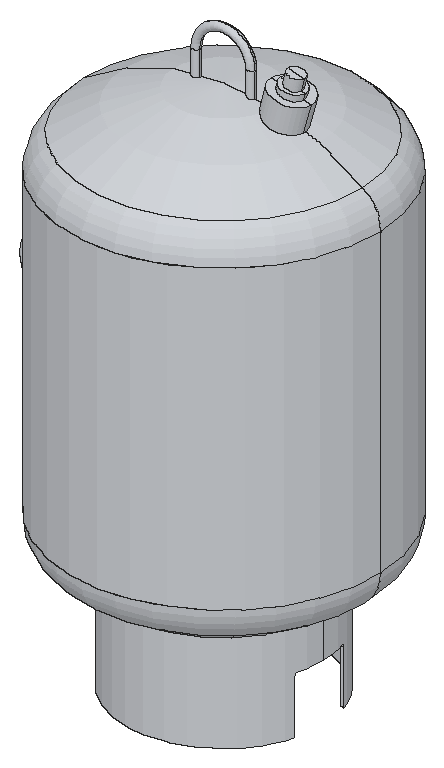
Revit family
Parameters (values of type "ST-130-CL 150# W.P. 10 BAR")
  Weight = "136 lbs"
  Tank Volume = "34 Gal"
  Tank Height/Length = 34.375"
  Tank Diameter = 20.000"
  Side Lifting Ring Location = Shell Length / 2  # 9.125"
  Shell Length = 18.250"
  Pipe Connector Diameter = Pipe Connection Radius * 2  # 1.000"
  Pipe Connection Radius = 0.500"
  Model = "ST-130-CL"
  Maximum Acceptance Volume = "27 Gal"
  Max Operating Temp = "240 DEG F"
  Max Operating Pressure = "150 PSI"
  Manufacturer = "Amtrol"
  Lifting Ring Location = 3.500" / 2  # 1.750"
  Floor to Elbow Centerline = 1.500"
  Floor to Bottom of Tank = 3.709"
  Bladder/Diaphragm = "Bladder"
  ASME = yes
Types (3): name | Weight | Tank Volume | Tank Height/Length | Side Lifting Ring Location | Shell Length | Model
  (no name) | "136 lbs" | "34 Gal" | 34.375" | 9.125" | 18.250" | "ST-130-CL"
  ST-130-CL 150# W.P. 10 BAR | "136 lbs" | "34 Gal" | 34.375" | 9.125" | 18.250" | "ST-130-CL"
  ST-165-CL 150# W.P. 10 BAR | "146 lbs" | "44 Gal" | 39.375" | 11.625" | 23.250" | "ST-165-CL"
Reference planes (in)
  plane 1 "Center (Front/Back)": y = 0
  plane 2: z = 0
  plane 3 "Center (Left/Right)": x = 0
Forms (in)
  Revolve 1, solid
    sketch origin (0, 0, 0) x (1, 0, 0) y (0, 0, 1)
      loop
        line (-6.375, 0) -> (-6.187, 0) -> (-6.187, 7.44707) -> (-6.375, 7.44707) -> (-6.375, 0)
      axis (0, 0) -> (0, 7.44707)
    angle from 0 to 360
  Revolve 2, solid
    sketch origin (0, 0, 0) x (1, 0, 0) y (0, 0, 1)
      loop
        line (0.6492, 3.3675) -> (0.6492, 4.19707) -> (0, 4.19707) -> (0, 3.3675) -> (0.6492, 3.3675)
      axis (0, 3.3675) -> (0, 4.19707)
    angle from 0 to 360
  Extrusion 3, void
    sketch origin (0, 0, 0) x (0, 1, 0) y (0, 0, 1)
      loop
        line (0, 3.70581) -> (-1.75, 3.70581)
        arc (-1.75, 3.70581) -> (-1.92678, 3.63258) -> (-2, 3.45581) r 0.25
        line (-2, 3.45581) -> (-2, -0.25) -> (2, -0.25) -> (2, 3.45581)
        arc (2, 3.45581) -> (1.92678, 3.63258) -> (1.75, 3.70581) r 0.25
        line (1.75, 3.70581) -> (0, 3.70581)
    from 3.88729 to 12
  Sweep 4, solid
    path origin (0, 0, 0) x (1, 0, 0) y (0, 0, 1)
      loop
        line (0, 3) -> (0, 2.698)
        arc (0, 2.698) -> (0.35089, 1.85089) -> (1.198, 1.5) r 1.198
        line (1.198, 1.5) -> (1.5, 1.5)
    profile origin (0, 0, 2.849) x (0, -1, 0) y (1, 0, 0)
      loop
        circle (0, 0) r 0.75
  Revolve 5, solid
    sketch origin (0, 0, 0) x (1, 0, 0) y (0, 0, 1)
      loop
        line (0, 2.813) -> (0.65074, 2.813) -> (0.65074, 4.313) -> (0, 4.313) -> (0, 2.813)
      axis (0, 2.813) -> (0, 4.313)
    angle from 0 to 360
  Revolve 6, solid
    sketch origin (0, 0, 0) x (1, 0, 0) y (0, 0, 1)
      loop
        line (3.85419, 33.63901) -> (5.11558, 33.30102) -> (5.58812, 35.06454) -> (5.10515, 35.19395) -> (5.20603, 35.57042) -> (4.93892, 35.642) -> (5.13591, 36.37717) -> (4.62458, 36.51418) -> (3.85419, 33.63901)
      axis (3.85419, 33.63901) -> (4.62458, 36.51418)
    angle from 0 to 360
  Sweep 7, solid
    path origin (-0.03185, 0, 0.36625) x (1, 0, 0) y (0, 0, 1)
      loop
        line (-1.72794, 33.65651) -> (-1.72794, 35.40651)
        arc (-1.72794, 35.40651) -> (0.02206, 37.15651) -> (1.77206, 35.40651) r 1.75
        line (1.77206, 35.40651) -> (1.77206, 33.65651)
    profile origin (-1.75979, 0, 34.89775) x (-1, 0, 0) y (0, -1, 0)
      loop
        circle (0, 0) r 0.25
  Revolve 8, solid
    sketch origin (0, 0, 0) x (1, 0, 0) y (0, 0, 1)
      loop
        line (0, 34.375) -> (0, 3.709) -> (4.99442, 3.709) -> (4.99442, 4.209) -> (4.437, 4.209) -> (4.437, 4.40139) -> (4.99442, 4.40139) -> (4.99442, 5.7535)
        arc (4.99442, 5.7535) -> (5.04578, 5.76987) -> (5.07873, 5.81253) r 0.09054
        arc (5.07873, 5.81253) -> (7.08806, 6.70772) -> (8.95313, 7.87402) r 15.75634
        arc (8.95313, 7.87402) -> (9.72207, 8.77485) -> (9.99844, 9.92653) r 2.53776
        line (9.99844, 9.92653) -> (9.99844, 29.39525)
        arc (9.99844, 29.39525) -> (9.67843, 30.572) -> (8.87716, 31.49129) r 2.72468
        arc (8.87716, 31.49129) -> (4.6669, 33.636) -> (0, 34.375) r 15.1055
      axis (0, 3.709) -> (0, 34.375)
    angle from 0 to 360
  Sweep 9, solid
    path origin (0, 0, 0) x (1, 0, 0) y (0, 0, 1)
      loop
        line (-9.90517, 22.02025) -> (-10.90517, 22.02025)
        arc (-10.90517, 22.02025) -> (-12.65517, 20.27025) -> (-10.90517, 18.52025) r 1.75
        line (-10.90517, 18.52025) -> (-9.90517, 18.52025)
    profile origin (-10.40517, 0, 22.02025) x (0, 0, -1) y (0, -1, 0)
      loop
        circle (0, 0) r 0.25
Cuts and joins
  Extrusion 3 cuts Revolve 1
  Extrusion 3 cuts Revolve 2
Dimensions and locks (in)
  "Floor to Elbow Centerline": Sweep 4 sketch curve to cut or joined group of Revolve 1, Extrusion 3
  Revolve 6 sketch curve to Revolve 6 sketch curve = 2.9766"
  Revolve 6 sketch curve to Revolve 6 sketch curve = 2.21548"
  Revolve 6 sketch curve to Revolve 6 sketch curve = 1.82573"
  "Floor to Bottom of Tank": Revolve 8 sketch curve to level
  "Tank Height/Length": Revolve 8 sketch curve to cut or joined group of Revolve 1, Extrusion 3
  Revolve 8 sketch curve to Revolve 8 sketch curve = 12.38081"
  Revolve 6 sketch curve to Revolve 8 = 3.90577"
  Revolve 6 sketch curve to Revolve 8 = 4.24376"
  Sweep 7 sketch curve to Revolve 8 = 4.6275"  (x2)
  "Side Lifting Ring Location": Revolve 8 to Sweep 9 sketch curve
  aligned and locked: import instance to plane 3 "Center (Left/Right)"
  aligned and locked: plane 1 "Center (Front/Back)" to import instance
Automatic sketch dimensions
  Revolve 2 sketch curve to plane 3 "Center (Left/Right)" = 0.000"  (x2)
  plane 3 "Center (Left/Right)" to Revolve 2 sketch curve = 0.6492"
  level to Revolve 2 sketch curve = 3.3675"
  Revolve 2 sketch curve to Revolve 2 sketch curve = 0.000"
  Revolve 2 sketch curve to Revolve 2 sketch curve = 0.82957"
  Revolve 2 sketch curve to Revolve 2 sketch curve = 1.25068"
  Extrusion 3 sketch curve to plane 1 "Center (Front/Back)" = 0.000"
  plane 1 "Center (Front/Back)" to Extrusion 3 sketch curve = 1.750"
  Extrusion 3 sketch curve to Extrusion 3 sketch curve = 0.250"  (x2)
  Extrusion 3 sketch curve to plane 1 "Center (Front/Back)" = 1.750"
  Extrusion 3 sketch curve to level = 0.250"
  level to Extrusion 3 sketch curve = 3.45581"
  Sweep 4 sketch curve to plane 3 "Center (Left/Right)" = 0.000"
  Sweep 4 sketch curve to Sweep 4 sketch curve = 1.198"
  Sweep 4 sketch curve to Sweep 4 sketch curve = 0.302"  (x2)
  plane 1 "Center (Front/Back)" to Sweep 4 sketch curve = 0.000"
  Sweep 4 sketch curve to profile plane = 0.000"
  Revolve 5 sketch curve to plane 3 "Center (Left/Right)" = 0.000"  (x2)
  plane 3 "Center (Left/Right)" to Revolve 5 sketch curve = 0.65074"
  level to Revolve 5 sketch curve = 2.813"
  Revolve 5 sketch curve to Revolve 5 sketch curve = 0.000"
  Revolve 5 sketch curve to Revolve 5 sketch curve = 1.500"
  Revolve 5 sketch curve to Revolve 5 sketch curve = 0.500"
  plane 3 "Center (Left/Right)" to Revolve 6 sketch curve = 3.85419"
  Revolve 6 sketch curve to Revolve 6 sketch curve = 0.14815"
  Revolve 6 sketch curve to Revolve 6 sketch curve = 0.05202"
  Revolve 6 sketch curve to Revolve 6 sketch curve = 0.6492"
  Revolve 6 sketch curve to Revolve 6 sketch curve = 0.16624"
  Revolve 6 sketch curve to Revolve 6 sketch curve = 0.55291"
  Revolve 6 sketch curve to Revolve 6 sketch curve = 0.19415"
  Sweep 7 sketch curve to plane 3 "Center (Left/Right)" = 1.75979"
  Sweep 7 sketch curve to plane 3 "Center (Left/Right)" = 0.00979"
  Sweep 7 sketch curve to Sweep 7 sketch curve = 1.750"
  plane 1 "Center (Front/Back)" to Sweep 7 sketch curve = 0.000"
  Sweep 7 sketch curve to profile plane = 0.000"
  Revolve 1 sketch curve to level = 0.000"  (x2)
  Revolve 1 sketch curve to plane 3 "Center (Left/Right)" = 0.000"
  Revolve 1 sketch curve to plane 3 "Center (Left/Right)" = 6.187"
  Revolve 1 sketch curve to Revolve 1 sketch curve = 0.188"
  level to Revolve 1 sketch curve = 7.44707"
  Revolve 1 sketch curve to Revolve 1 sketch curve = 1.05293"
  Revolve 6 sketch curve to Revolve 6 sketch curve = 0.31433"
  Revolve 8 sketch curve to plane 3 "Center (Left/Right)" = 0.000"  (x2)
  Revolve 8 sketch curve to plane 3 "Center (Left/Right)" = 0.3131"
  plane 3 "Center (Left/Right)" to Revolve 8 sketch curve = 4.437"
  Revolve 8 sketch curve to Revolve 8 sketch curve = 0.55684"
  Revolve 8 sketch curve to Revolve 8 sketch curve = 0.55742"
  Revolve 8 sketch curve to Revolve 8 sketch curve = 0.00058"
  Revolve 8 sketch curve to Revolve 8 sketch curve = 0.08488"
  plane 3 "Center (Left/Right)" to Revolve 8 sketch curve = 7.27592"
  Revolve 8 sketch curve to Revolve 8 sketch curve = 2.38196"
  Revolve 8 sketch curve to Revolve 8 sketch curve = 1.60123"
  Revolve 8 sketch curve to Revolve 8 sketch curve = 0.000"  (x3)
  Revolve 8 sketch curve to Revolve 8 sketch curve = 1.49244"
  Revolve 8 sketch curve to Revolve 8 sketch curve = 1.04531"
  Revolve 8 sketch curve to Revolve 8 sketch curve = 0.500"
  Revolve 8 sketch curve to Revolve 8 sketch curve = 0.19239"
  Revolve 8 sketch curve to Revolve 8 sketch curve = 1.35211"
  Revolve 8 sketch curve to Revolve 8 sketch curve = 0.05903"
  Revolve 8 sketch curve to Revolve 8 sketch curve = 4.334"
  Sweep 9 sketch curve to plane 3 "Center (Left/Right)" = 10.90517"
  Sweep 9 sketch curve to Sweep 9 sketch curve = 1.000"  (x2)
  Sweep 9 sketch curve to Sweep 9 sketch curve = 1.750"
  Sweep 9 sketch curve to plane 1 "Center (Front/Back)" = 0.000"
  Sweep 9 sketch curve to profile plane = 0.000"
  radius of Sweep 4 sketch curve = 0.750"
  radius of Sweep 7 sketch curve = 0.250"
  radius of Sweep 9 sketch curve = 0.250"
Connectors (in)
  piping at (1.5, 0, 1.5), driven by "Pipe Connection Radius"
    settings: on Sweep 4, index 1
